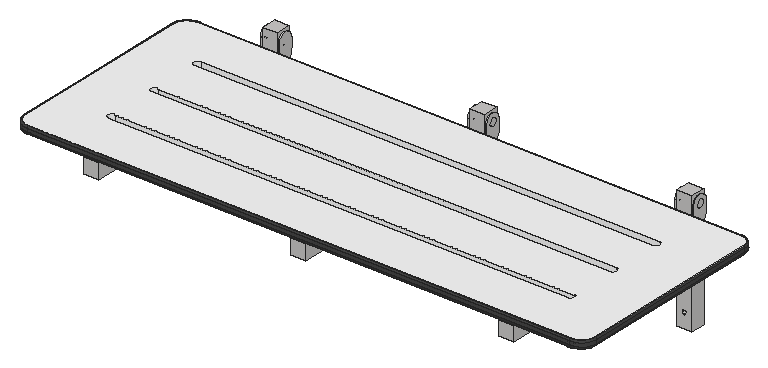
Revit family "Shower Seat_Metlam_Folding", category Specialty Equipment, Revit 2016
Family settings
  Part Type = Normal
  Round Connector Dimension = Use Diameter
  OmniClass Number = 23.45.05.14.11.17
  OmniClass Title = Shower/Bath Seats
  Work Plane-Based = No
  Always vertical = Yes
  Cut with Voids When Loaded = No
  Shared = No
  Room Calculation Point = Yes
Parameters (values of type "960w x 400d x 205h (ML991_CL)")
  URL = "http://www.metlam.com.au/"
  Type Comments = "Shower Seats"  # constant formula
  Seat Edge_Material = z_Metlam_Black
  Model = "ML991_CL"
  Material_ANZRS = z_Metlam_White
  Frame_Material = z_Metlam_Metal_Stainless Steel_Satin
  Manufacturer_URL__Product Specific = "https://metlam.com.au/product/content/shower-seats-shower-related/ML991_CL"
  Manufacturer_Spec Code = Model  # "ML991_CL"
  Manufacturer_Overall Width = 960 mm  # constant formula
  Manufacturer_Overall Height = 205 mm  # constant formula
  Manufacturer_Overall Depth = 400 mm  # constant formula
  Manufacturer_Height From FFL [instance] = 475 mm
  Manufacturer = "Metlam"  # constant formula
  Keynote = ""
  Description = "Fold Away Shower Seat"  # constant formula
  CreatedBy_ANZRS = "IGS BIM Solutions"  # constant formula
  CreatedByURL_ANZRS = "http://www.igsgroup.com.au/"
  Assembly Code = ""
Reference planes
  plane 1 "Ref. Level": z = 0
  plane 2 "Front": y = -620.9
  plane 3 "Center (Left/Right)": x = -194.828
  plane 4 "Top": z = 492.281
  plane 5 "Right": x = 285.172
  plane 6 "Bottom": z = 287.281
  plane 7 "Left": x = -674.828
  plane 8 "Back": y = -220.9
  plane 9 "Center (Front/Back)": y = -420.9
  plane 10 "Mounting Height": z = 475
Forms (mm)
  Extrusion 1, solid, material "z_Metlam_White" <- "Material_ANZRS"
    sketch origin (0, 0, 492.281) x (-1, 0, 0) y (0, -1, 0)
      loop
        arc (579.628, 344.896) -> (586.151, 351.419) -> (579.628, 357.943) r 6.524
        line (579.628, 357.943) -> (-189.971, 357.943)
        arc (-189.971, 357.943) -> (-196.495, 351.419) -> (-189.971, 344.896) r 6.524
        line (-189.971, 344.896) -> (579.628, 344.896)
      loop
        arc (579.605, 434.889) -> (586.125, 441.41) -> (579.605, 447.931) r 6.521
        line (579.605, 447.931) -> (-189.948, 447.931)
        arc (-189.948, 447.931) -> (-196.469, 441.41) -> (-189.948, 434.889) r 6.521
        line (-189.948, 434.889) -> (579.605, 434.889)
      loop
        arc (579.628, 524.677) -> (586.148, 531.197) -> (579.628, 537.718) r 6.521
        line (579.628, 537.718) -> (-189.971, 537.718)
        arc (-189.971, 537.718) -> (-196.492, 531.197) -> (-189.971, 524.677) r 6.521
        line (-189.971, 524.677) -> (579.628, 524.677)
      loop
        arc (649.828, 263.4) -> (665.738, 269.99) -> (672.328, 285.9) r 22.5
        line (672.328, 285.9) -> (672.328, 595.9)
        arc (672.328, 595.9) -> (665.738, 611.809) -> (649.828, 618.4) r 22.5
        line (649.828, 618.4) -> (-260.172, 618.4)
        arc (-260.172, 618.4) -> (-276.082, 611.809) -> (-282.672, 595.9) r 22.5
        line (-282.672, 595.9) -> (-282.672, 285.9)
        arc (-282.672, 285.9) -> (-276.082, 269.99) -> (-260.172, 263.4) r 22.5
        line (-260.172, 263.4) -> (649.828, 263.4)
    from -30.281 to -17.281
  Extrusion 2, void
    sketch origin (0, -620.9, 0) x (-1, 0, 0) y (0, 0, 1)
      loop
        circle (-153.172, 313.281) r 3.5
      loop
        circle (-153.172, 423.281) r 3.5
      loop
        circle (194.828, 313.281) r 3.5
      loop
        circle (194.828, 423.281) r 3.5
      loop
        circle (542.828, 313.281) r 3.5
      loop
        circle (542.828, 423.281) r 3.5
    from 360 to 409.325
  Sweep 3, solid, material "z_Metlam_Black" <- "Seat Edge_Material"
    path in 3D
      loop
        arc (260.172, -618.4, 475) -> (276.082, -611.809, 475) -> (282.672, -595.9, 475) r 22.5
        line (282.672, -595.9, 475) -> (282.672, -285.9, 475)
        arc (282.672, -285.9, 475) -> (276.082, -269.99, 475) -> (260.172, -263.4, 475) r 22.5
        line (260.172, -263.4, 475) -> (-649.828, -263.4, 475)
        arc (-649.828, -263.4, 475) -> (-665.738, -269.99, 475) -> (-672.328, -285.9, 475) r 22.5
        line (-672.328, -285.9, 475) -> (-672.328, -595.9, 475)
        arc (-672.328, -595.9, 475) -> (-665.738, -611.809, 475) -> (-649.828, -618.4, 475) r 22.5
        line (-649.828, -618.4, 475) -> (260.172, -618.4, 475)
    profile origin (-194.828, -618.4, 475) x (0, 1, 0) y (0, 0, 1)
      loop
        arc (-2.5, -9.496) -> (-1.811, -11.648) -> (0, -13) r 3.705
        line (0, -13) -> (0, 0)
        arc (0, 0) -> (-1.811, -1.349) -> (-2.5, -3.5) r 3.7
        line (-2.5, -3.5) -> (-2.5, -9.496)
  Extrusion 4, solid, material "z_Metlam_Metal_Stainless Steel_Satin" <- "Frame_Material"
    sketch origin (0, -620.9, 0) x (-1, 0, 0) y (0, 0, 1)
      loop
        line (555.328, 462) -> (530.328, 462) -> (530.328, 437) -> (555.328, 437) -> (555.328, 462)
      loop
        line (207.328, 462) -> (182.328, 462) -> (182.328, 437) -> (207.328, 437) -> (207.328, 462)
      loop
        line (-140.672, 462) -> (-165.672, 462) -> (-165.672, 437) -> (-140.672, 437) -> (-140.672, 462)
    from 0 to 375.017
  Extrusion 5, solid, material "z_Metlam_Metal_Stainless Steel_Satin" <- "Frame_Material"
    sketch origin (0, 0, 287.281) x (-1, 0, 0) y (0, -1, 0)
      loop
        line (555.328, 220.9) -> (555.328, 245.9) -> (530.328, 245.9) -> (530.328, 220.9) -> (555.328, 220.9)
      loop
        line (207.328, 220.9) -> (207.328, 245.9) -> (182.328, 245.9) -> (182.328, 220.9) -> (207.328, 220.9)
      loop
        line (-140.672, 220.9) -> (-140.672, 245.9) -> (-165.672, 245.9) -> (-165.672, 220.9) -> (-140.672, 220.9)
    from 0 to 205
  Extrusion 6, solid, material "z_Metlam_Metal_Stainless Steel_Satin" <- "Frame_Material"
    sketch origin (-210.828, 0, 0) x (0, 1, 0) y (0, 0, 1)
      loop
        line (-220.9, 462.001) -> (-220.9, 477.254)
        arc (-220.9, 477.254) -> (-233.391, 489.745) -> (-245.882, 477.254) r 12.491
        line (-245.882, 477.254) -> (-245.882, 437.001)
        arc (-245.882, 437.001) -> (-228.216, 444.329) -> (-220.9, 462.001) r 25
    from 0 to 32
  Extrusion 7, solid, material "z_Metlam_Metal_Stainless Steel_Satin" <- "Frame_Material"
    sketch origin (137.172, 0, 0) x (0, 1, 0) y (0, 0, 1)
      loop
        line (-220.9, 462.001) -> (-220.9, 477.254)
        arc (-220.9, 477.254) -> (-233.391, 489.745) -> (-245.882, 477.254) r 12.491
        line (-245.882, 477.254) -> (-245.882, 437.001)
        arc (-245.882, 437.001) -> (-228.216, 444.329) -> (-220.9, 462.001) r 25
    from 0 to 32
  Extrusion 8, solid, material "z_Metlam_Metal_Stainless Steel_Satin" <- "Frame_Material"
    sketch origin (-558.828, 0, 0) x (0, 1, 0) y (0, 0, 1)
      loop
        line (-220.9, 462.001) -> (-220.9, 477.254)
        arc (-220.9, 477.254) -> (-233.391, 489.745) -> (-245.882, 477.254) r 12.491
        line (-245.882, 477.254) -> (-245.882, 437.001)
        arc (-245.882, 437.001) -> (-228.216, 444.329) -> (-220.9, 462.001) r 25
    from 0 to 32
  Extrusion 9, solid, material "z_Metlam_Metal_Stainless Steel_Satin" <- "Frame_Material"
    sketch origin (172.172, 0, 0) x (0, 0, 1) y (0, 1, 0)
      loop
        circle (476.682, -233.364) r 5.858
    from 3 to 35
  Extrusion 10, solid, material "z_Metlam_Metal_Stainless Steel_Satin" <- "Frame_Material"
    sketch origin (-561.828, 0, 0) x (0, 0, 1) y (0, -1, 0)
      loop
        circle (476.682, 233.364) r 5.858
    from 3 to 35
  Extrusion 11, solid, material "z_Metlam_Metal_Stainless Steel_Satin" <- "Frame_Material"
    sketch origin (-175.828, 0, 0) x (0, 0, 1) y (0, 1, 0)
      loop
        circle (476.682, -233.364) r 5.858
    from 3 to 35
  Extrusion 12, solid, material "z_Metlam_Metal_Stainless Steel_Satin" <- "Frame_Material"
    sketch origin (0, 0, 492.281) x (-1, 0, 0) y (0, -1, 0)
      loop
        line (555.328, 245.882) -> (558.828, 245.882)
        arc (558.828, 245.882) -> (556.353, 246.907) -> (555.328, 249.382) r 3.5
        line (555.328, 249.382) -> (555.328, 245.882)
      loop
        line (530.328, 245.882) -> (530.328, 249.382)
        arc (530.328, 249.382) -> (529.303, 246.907) -> (526.828, 245.882) r 3.5
        line (526.828, 245.882) -> (530.328, 245.882)
      loop
        line (-165.672, 245.882) -> (-165.672, 249.382)
        arc (-165.672, 249.382) -> (-166.697, 246.907) -> (-169.172, 245.882) r 3.5
        line (-169.172, 245.882) -> (-165.672, 245.882)
      loop
        line (-140.672, 245.882) -> (-137.172, 245.882)
        arc (-137.172, 245.882) -> (-139.647, 246.907) -> (-140.672, 249.382) r 3.5
        line (-140.672, 249.382) -> (-140.672, 245.882)
      loop
        line (182.328, 245.882) -> (182.328, 249.382)
        arc (182.328, 249.382) -> (181.303, 246.907) -> (178.828, 245.882) r 3.5
        line (178.828, 245.882) -> (182.328, 245.882)
      loop
        line (207.328, 245.882) -> (210.828, 245.882)
        arc (210.828, 245.882) -> (208.353, 246.907) -> (207.328, 249.382) r 3.5
        line (207.328, 249.382) -> (207.328, 245.882)
    from -55.281 to -30.281
Cuts and joins
  Extrusion 2 cuts Extrusion 5
  joined: Extrusion 4, Extrusion 12
Lines and regions (mm)
  Masking region 1
    outline origin (0, 0, 475) x (-1, 0, 0) y (0, -1, 0)
      loop
        line (-260.172, 260.9) -> (-165.672, 260.9) -> (-165.672, 249.382)
        arc (-165.672, 249.382) -> (-166.697, 246.907) -> (-169.172, 245.882) r 3.5
        line (-169.172, 245.882) -> (-169.172, 220.9) -> (-137.172, 220.9) -> (-137.172, 245.882)
        arc (-137.172, 245.882) -> (-139.647, 246.907) -> (-140.672, 249.382) r 3.5
        line (-140.672, 249.382) -> (-140.672, 260.9) -> (182.328, 260.9) -> (182.328, 249.382)
        arc (182.328, 249.382) -> (181.303, 246.907) -> (178.828, 245.882) r 3.5
        line (178.828, 245.882) -> (178.828, 220.9) -> (210.828, 220.9) -> (210.828, 245.882)
        arc (210.828, 245.882) -> (208.353, 246.907) -> (207.328, 249.382) r 3.5
        line (207.328, 249.382) -> (207.328, 260.9) -> (530.328, 260.9) -> (530.328, 249.382)
        arc (530.328, 249.382) -> (529.303, 246.907) -> (526.828, 245.882) r 3.5
        line (526.828, 245.882) -> (526.828, 220.9) -> (558.828, 220.9) -> (558.828, 245.882)
        arc (558.828, 245.882) -> (556.353, 246.907) -> (555.328, 249.382) r 3.5
        line (555.328, 249.382) -> (555.328, 260.9) -> (649.828, 260.9)
        arc (649.828, 260.9) -> (667.506, 268.222) -> (674.828, 285.9) r 25
        line (674.828, 285.9) -> (674.828, 595.9)
        arc (674.828, 595.9) -> (667.506, 613.577) -> (649.828, 620.9) r 25
        line (649.828, 620.9) -> (-260.172, 620.9)
        arc (-260.172, 620.9) -> (-277.849, 613.577) -> (-285.172, 595.9) r 25
        line (-285.172, 595.9) -> (-285.172, 285.9)
        arc (-285.172, 285.9) -> (-277.849, 268.222) -> (-260.172, 260.9) r 25
      loop
        arc (579.628, 344.896) -> (586.151, 351.419) -> (579.628, 357.943) r 6.524
        line (579.628, 357.943) -> (-189.971, 357.943)
        arc (-189.971, 357.943) -> (-196.495, 351.419) -> (-189.971, 344.896) r 6.524
        line (-189.971, 344.896) -> (579.628, 344.896)
      loop
        arc (579.605, 434.889) -> (586.125, 441.41) -> (579.605, 447.936) r 6.521
        line (579.605, 447.936) -> (-189.948, 447.931)
        arc (-189.948, 447.931) -> (-196.469, 441.41) -> (-189.948, 434.889) r 6.521
        line (-189.948, 434.889) -> (579.605, 434.889)
      loop
        arc (579.628, 524.677) -> (586.148, 531.197) -> (579.628, 537.724) r 6.521
        line (579.628, 537.724) -> (-189.971, 537.718)
        arc (-189.971, 537.718) -> (-196.492, 531.197) -> (-189.971, 524.677) r 6.521
        line (-189.971, 524.677) -> (579.628, 524.677)
  symbolic lines, style "Bathroom Fixtures", detail levels medium+fine
    curve 1: line (-558.828, -245.882, 475) -> (-526.828, -245.882, 475)
    curve 2: line (-210.828, -245.882, 475) -> (-178.828, -245.882, 475)
    curve 3: line (137.172, -245.882, 475) -> (169.172, -245.882, 475)
    curve 4: line (-555.328, -260.9, 475) -> (-530.328, -260.9, 475)
    curve 5: line (-207.328, -260.9, 475) -> (-182.328, -260.9, 475)
    curve 6: line (140.672, -260.9, 475) -> (165.672, -260.9, 475)
  sketch lines
    curve 7: line (-649.828, -618.4, 475) -> (260.172, -618.4, 475)
    curve 8: arc (-649.828, -618.4, 475) -> (-665.738, -611.809, 475) -> (-672.328, -595.9, 475) r 22.5
    curve 9: line (-672.328, -285.9, 475) -> (-672.328, -595.9, 475)
    curve 10: arc (-672.328, -285.9, 475) -> (-665.738, -269.99, 475) -> (-649.828, -263.4, 475) r 22.5
    curve 11: line (260.172, -263.4, 475) -> (-649.828, -263.4, 475)
    curve 12: arc (260.172, -263.4, 475) -> (276.082, -269.99, 475) -> (282.672, -285.9, 475) r 22.5
    curve 13: line (282.672, -595.9, 475) -> (282.672, -285.9, 475)
    curve 14: arc (282.672, -595.9, 475) -> (276.082, -611.809, 475) -> (260.172, -618.4, 475) r 22.5
Text (mm)
  text "> Contact Manufacturer to confirm feasibility of design variations outside the scope of this Revit Family\n\n\n\nDisclaimer:\n\nDue to ongoing product development and manufacturing evolution, product details are subject to change without notice. Please refer to product technical data sheets on the manufacturer’s website for the most current product information. Please allow a +/- 5mm manufacturing tolerance for dimensions and set-outs shown in product literature." at (466.858, -156.753, 0), in view "Ref. Level_Instruction"
Dimensions and locks
  "Manufacturer_Overall Width": plane 7 "Left" to plane 5 "Right"
  "Manufacturer_Overall Depth": plane 2 "Front" to plane 8 "Back"
  "Manufacturer_Overall Height": plane 4 "Top" to plane 6 "Bottom"
  "Manufacturer_Height From FFL": plane 10 "Mounting Height" to level
  equal spacing: plane 2 "Front", plane 9 "Center (Front/Back)", plane 8 "Back"
  equal spacing: plane 7 "Left", plane 3 "Center (Left/Right)", plane 5 "Right"
  locked: plane 4 "Top" to plane 10 "Mounting Height" at 17.281
  aligned and locked: level to plane 1 "Ref. Level"
Automatic sketch dimensions
  plane 5 "Right" to Extrusion 1 sketch curve = 2.5 mm
  Extrusion 1 sketch curve to Extrusion 1 sketch curve = 22.5 mm  (x2)
  plane 2 "Front" to Extrusion 1 sketch curve = 2.5 mm
  plane 7 "Left" to Extrusion 1 sketch curve = 25 mm  (x2)
  plane 7 "Left" to Extrusion 1 sketch curve = 2.5 mm
  plane 2 "Front" to Extrusion 1 sketch curve = 83.181 mm
  Extrusion 1 sketch curve to Extrusion 1 sketch curve = 6.521 mm  (x2)
  Extrusion 1 sketch curve to plane 9 "Center (Front/Back)" = 27.031 mm
  plane 9 "Center (Front/Back)" to Extrusion 1 sketch curve = 62.957 mm
  Extrusion 1 sketch curve to Extrusion 1 sketch curve = 6.524 mm
  plane 8 "Back" to Extrusion 1 sketch curve = 65 mm
  Extrusion 2 sketch curve to plane 3 "Center (Left/Right)" = 0 mm  (x2)
  plane 6 "Bottom" to Extrusion 2 sketch curve = 26 mm  (x3)
  Sweep 3 sketch curve to profile plane = 0 mm  (x2)
  profile plane to Sweep 3 sketch curve = 2.5 mm
  Sweep 3 sketch curve to profile plane = 1.2 mm
  Sweep 3 sketch curve to profile plane = 1.205 mm
  Sweep 3 sketch curve to Sweep 3 sketch curve = 5.996 mm
  plane 3 "Center (Left/Right)" to Extrusion 4 sketch curve = 12.5 mm
  Extrusion 4 sketch curve to plane 3 "Center (Left/Right)" = 12.5 mm
  plane 8 "Back" to Extrusion 6 sketch curve = 25 mm
  plane 8 "Back" to Extrusion 6 sketch curve = 12.491 mm
  Extrusion 6 sketch curve to plane 4 "Top" = 15.028 mm
  plane 8 "Back" to Extrusion 7 sketch curve = 25 mm
  plane 8 "Back" to Extrusion 7 sketch curve = 12.491 mm
  Extrusion 7 sketch curve to plane 4 "Top" = 15.028 mm
  plane 8 "Back" to Extrusion 8 sketch curve = 25 mm
  plane 8 "Back" to Extrusion 8 sketch curve = 12.491 mm
  Extrusion 8 sketch curve to plane 4 "Top" = 15.028 mm
  Extrusion 9 sketch curve to plane 8 "Back" = 12.465 mm
  plane 8 "Back" to Extrusion 10 sketch curve = 12.465 mm
  Extrusion 11 sketch curve to plane 8 "Back" = 12.465 mm
  Extrusion 2 sketch curve to plane 4 "Top" = 69 mm  (x3)
  Extrusion 4 sketch curve to plane 4 "Top" = 55.281 mm  (x3)
  Extrusion 4 sketch curve to Extrusion 4 sketch curve = 25 mm  (x5)
  Extrusion 6 sketch curve to Extrusion 6 sketch curve = 15.253 mm
  Extrusion 7 sketch curve to Extrusion 7 sketch curve = 15.253 mm
  Extrusion 8 sketch curve to Extrusion 8 sketch curve = 15.253 mm
  plane 4 "Top" to Extrusion 9 sketch curve = 15.6 mm
  Extrusion 10 sketch curve to plane 4 "Top" = 15.6 mm
  plane 4 "Top" to Extrusion 11 sketch curve = 15.6 mm
  plane 7 "Left" to Extrusion 1 sketch curve = 95.224 mm
  Extrusion 1 sketch curve to Extrusion 1 sketch curve = 0.023 mm  (x3)
  plane 7 "Left" to Extrusion 2 sketch curve = 132 mm
  Extrusion 2 sketch curve to Extrusion 2 sketch curve = 0 mm  (x2)
  plane 7 "Left" to Extrusion 4 sketch curve = 144.5 mm
  plane 5 "Right" to Extrusion 1 sketch curve = 95.201 mm
  Extrusion 1 sketch curve to Extrusion 1 sketch curve = 70.201 mm
  plane 5 "Right" to Extrusion 2 sketch curve = 132 mm
  plane 5 "Right" to Extrusion 4 sketch curve = 144.5 mm
  plane 8 "Back" to Extrusion 12 sketch curve = 24.983 mm  (x5)
  plane 5 "Right" to Extrusion 12 sketch curve = 116 mm
  Extrusion 12 sketch curve to Extrusion 12 sketch curve = 3.5 mm  (x6)
  Extrusion 12 sketch curve to Extrusion 12 sketch curve = 25 mm  (x2)
  plane 3 "Center (Left/Right)" to Extrusion 12 sketch curve = 16 mm
  Extrusion 12 sketch curve to plane 3 "Center (Left/Right)" = 12.5 mm
  plane 8 "Back" to Extrusion 12 sketch curve = 28.483 mm
  plane 7 "Left" to Extrusion 12 sketch curve = 148 mm
  plane 8 "Back" to Extrusion 5 sketch curve = 0 mm  (x3)
  plane 5 "Right" to Extrusion 5 sketch curve = 119.5 mm
  Extrusion 5 sketch curve to Extrusion 5 sketch curve = 25 mm  (x4)
  plane 3 "Center (Left/Right)" to Extrusion 5 sketch curve = 12.5 mm
  Extrusion 5 sketch curve to plane 3 "Center (Left/Right)" = 12.5 mm
  plane 8 "Back" to Extrusion 5 sketch curve = 25 mm
  plane 7 "Left" to Extrusion 5 sketch curve = 144.5 mm
  Masking region 1 sketch curve to plane 5 "Right" = 0 mm
  Masking region 1 sketch curve to plane 2 "Front" = 0 mm
  plane 8 "Back" to Masking region 1 sketch curve = 0 mm  (x3)
  Masking region 1 sketch curve to plane 7 "Left" = 0 mm
  plane 5 "Right" to Masking region 1 sketch curve = 25 mm  (x2)
  plane 5 "Right" to Masking region 1 sketch curve = 95.201 mm
  Masking region 1 sketch curve to Masking region 1 sketch curve = 91 mm
  Masking region 1 sketch curve to Masking region 1 sketch curve = 3.5 mm  (x5)
  Masking region 1 sketch curve to Masking region 1 sketch curve = 25 mm  (x3)
  plane 3 "Center (Left/Right)" to Masking region 1 sketch curve = 16 mm
  Masking region 1 sketch curve to plane 3 "Center (Left/Right)" = 12.5 mm
  plane 3 "Center (Left/Right)" to Masking region 1 sketch curve = 384.799 mm
  Masking region 1 sketch curve to plane 3 "Center (Left/Right)" = 16 mm
  plane 8 "Back" to Masking region 1 sketch curve = 28.483 mm
  plane 7 "Left" to Masking region 1 sketch curve = 148 mm
  plane 7 "Left" to Masking region 1 sketch curve = 95.224 mm
  Masking region 1 sketch curve to Masking region 1 sketch curve = 49.299 mm
  plane 7 "Left" to Masking region 1 sketch curve = 25 mm
  plane 8 "Back" to Masking region 1 sketch curve = 24.983 mm  (x5)
  Masking region 1 sketch curve to Masking region 1 sketch curve = 11.517 mm  (x3)
  plane 8 "Back" to Masking region 1 sketch curve = 40 mm
  Masking region 1 sketch curve to Masking region 1 sketch curve = 6.524 mm
  Masking region 1 sketch curve to Masking region 1 sketch curve = 6.521 mm  (x4)
  plane 8 "Back" to curve 3 = 24.983 mm
  plane 5 "Right" to curve 3 = 116 mm
  curve 3 to curve 6 = 3.5 mm
  plane 3 "Center (Left/Right)" to curve 2 = 16 mm
  plane 3 "Center (Left/Right)" to curve 5 = 12.5 mm
  curve 5 to plane 3 "Center (Left/Right)" = 12.5 mm
  plane 8 "Back" to curve 1 = 24.983 mm
  plane 7 "Left" to curve 1 = 148 mm
  curve 4 to curve 4 = 25 mm
  plane 8 "Back" to curve 2 = 24.983 mm
  curve 5 to curve 2 = 3.5 mm
  curve 2 to curve 5 = 15.017 mm
  curve 6 to curve 6 = 25 mm
  curve 6 to curve 3 = 3.5 mm
  curve 3 to curve 6 = 15.017 mm
  curve 4 to curve 1 = 3.5 mm
  curve 1 to curve 4 = 15.017 mm
  curve 1 to curve 4 = 3.5 mm
  Masking region 1 sketch curve to Masking region 1 sketch curve = 0 mm  (x2)
  Masking region 1 sketch curve to Masking region 1 sketch curve = 0.023 mm  (x2)
  Masking region 1 sketch curve to Masking region 1 sketch curve = 13.047 mm  (x2)
  plane 3 "Center (Left/Right)" to Masking region 1 sketch curve = 384.776 mm
  Masking region 1 sketch curve to Masking region 1 sketch curve = 24.299 mm
  Masking region 1 sketch curve to plane 9 "Center (Front/Back)" = 20.51 mm
  plane 9 "Center (Front/Back)" to Masking region 1 sketch curve = 69.48 mm
  Masking region 1 sketch curve to Masking region 1 sketch curve = 76.74 mm
  radius of Extrusion 2 sketch curve = 3.5 mm  (x6)
  radius of Extrusion 9 sketch curve = 5.858 mm
  radius of Extrusion 10 sketch curve = 5.858 mm
  radius of Extrusion 11 sketch curve = 5.858 mm
